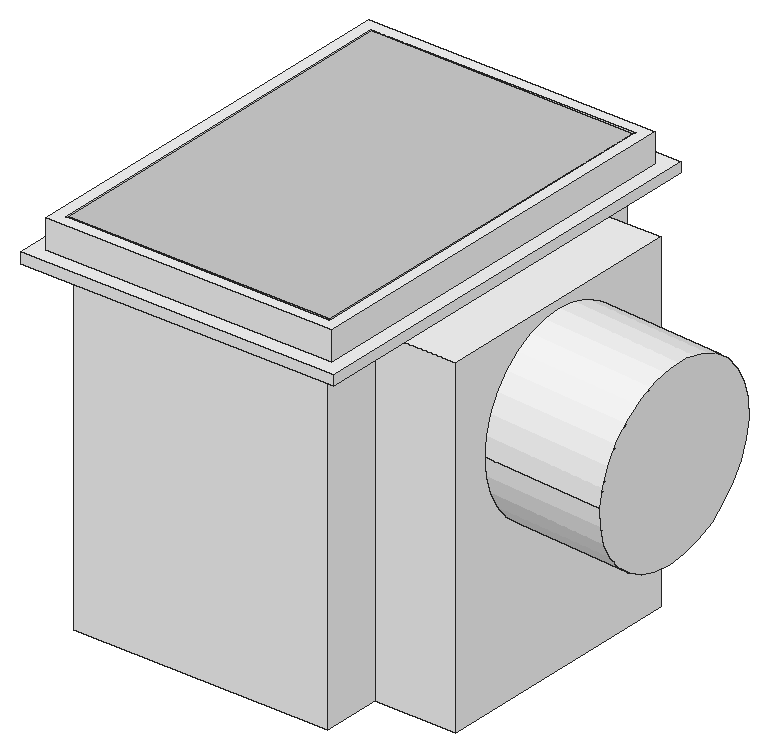
Revit family "HL_RU_Basement drain_HL71-A-171212", category Instalační zařizovací předměty, Revit 2021
Family settings
  Kóta kulaté spojky = Použít průměr
  Typ dílu = Normální
  Číslo OmniClass = 23.70.50.21.24.14
  Nadpis OmniClass = Deck Waste Water Drains
  Založené na pracovní rovině = Ne
  Vždy vertikální = Ano
  Ořezat dutým tvarem při načtení = Ne
  Sdílené = Ano
  Bod výpočtu místnosti = Ano
Parameters (values of type "HL_Трап для подвалов_HL71")
  РЕШЁТКА = "155x225mm/ ABS"
  РАЗМЕР = "DN110"
  ПРОПУСКНАЯ СПОСОБНОСТЬ [instance] = 0.0 L/s
  ПРОИЗВОДИТЕЛЬНОСТЬ = "2,3 l/s"
  ПРАВОВАЯ ИНФОРМАЦИЯ = "\"Авторские права(©), права на дизайн или какие либо другие права интелектуальной собственности являются исключительной собственностью компании HL Hutterer & Lechner. Изменению не подлежит. Файл семейства с данными о прозводителе изделия защищен паролем с водяным знаком.\""
  ПАДЕНИЕ ДАВЛЕНИЯ [instance] = 0.0 Pa
  НОМИНАЛЬНЫЙ ДИАМЕТР = 110 mm
  НАСАДКА = "170x240 mm"
  МАТЕРИАЛ = "ABS"
  МАКСИМАЛЬНАЯ НАГРУЗКА КЛАССА = "K3 - 300 kg"
  ВЫСОТА МОНТАЖА = "220 mm"
  ВЕС = "1,4 kg"
  Výchozí výška = 0 mm
  Přípoj ventilace = no
  Výrobce = "HL Hutterer & Lechner GmbH"
  URL = "http://www.hutterer-lechner.com/ru/products/catalog/roof-drains/HL71.aspx"
  Přípoj odpadních dílů = yes
  Přípoj HW = no
  Popis = "Трап для подвалов"
  Model = "HL71"
  Komentáře k typům = "Трап для подвалов DN110 горизонтальный 170х240мм/155х225мм синтетический материал"
  Keynote = "HL71"
  Высота монтажа [instance] = 0 mm
  Přípoj CW = no
  EAN = "9003076700714"
  D1 [instance] = 192.4 mm
  D [instance] = Высота монтажа + 56.6 mm  # 56.6 mm
  C [instance] = Высота монтажа + 56.6 mm  # 56.6 mm
  B [instance] = Высота монтажа + 86 mm  # 86 mm
  A [instance] = if(B - 100 mm > 15 mm, B - 100 mm, 15 mm)  # 15 mm
Types (2, lengths in mm): name | URL | Popis | Komentáře k typům
  (no name) | "http://www.hutterer-lechner.com/en/products/catalog/roof-drains/HL71.aspx" | "Anti flood valves" | "basement drain DN110 horizontal 170x240mm/155x225mm plastic"
  HL_Трап для подвалов_HL71 | "http://www.hutterer-lechner.com/ru/products/catalog/roof-drains/HL71.aspx" | "Трап для подвалов" | "Трап для подвалов DN110 горизонтальный 170х240мм/155х225мм синтетический материал"
Values of the unnamed type that differ from the named types
  ПРАВОВАЯ ИНФОРМАЦИЯ = "\"Copyright (©), design rights or any other intellectual property rights, shall be the exclusive property of HL Hutterer & Lechner GmbH. Modification is not allowed. Family has been watermarked.\""
  Model = "HL_Basement drain_HL71"
  Keynote = "HL_Basement drain_HL71"
Reference planes
  plane 1 "Center (Front/Back)": y = 0
  plane 2: z = 0
  plane 3 "Center (Left/Right)": x = 0
  plane 4 "Ball Joint Vertical": x = 25.45
  plane 5: z = 0
  plane 6: z = -86
Lines and regions (mm)
  model lines, style "InvisibleLines"
    curve 1: line (0, 0, 0) -> (0, 0, 560)
  reference lines
    curve 2: line (162.4, 0, -86) -> (192.4, 0, -86)
  model lines, detail levels coarse+medium
    curve 3: line (0, 0, -86) -> (0, 0, -71)
    curve 4: line (0, 0, -71) -> (71, 0, 0)
    curve 5: line (0, 0, -71) -> (-71, 0, 0)
    curve 6: line (0, 0, -86) -> (192.4, 0, -86)
  symbolic lines, style "PlumbingFixtures", detail levels coarse+medium
    curve 7: line (-75, 75, 0) -> (75, 75, 0)
    curve 8: line (-75, -75, 0) -> (-75, 75, 0)
    curve 9: line (75, -75, 0) -> (-75, -75, 0)
    curve 10: line (75, 75, 0) -> (75, -75, 0)
    curve 11: line (-75, 75, 0) -> (-145.711, 145.711, 0)
    curve 12: line (75, 75, 0) -> (145.711, 145.711, 0)
    curve 13: line (-75, -75, 0) -> (-145.711, -145.711, 0)
    curve 14: line (75, -75, 0) -> (145.711, -145.711, 0)
  symbolic lines, style "PlumbingFixtures", not visible, detail levels coarse+medium
    curve 15: line (-75, 75, 0) -> (75, 75, 0)
    curve 16: line (-75, -75, 0) -> (-75, 75, 0)
    curve 17: line (75, -75, 0) -> (-75, -75, 0)
    curve 18: line (75, 75, 0) -> (75, -75, 0)
    curve 19: line (-75, 75, 0) -> (-145.711, 145.711, 0)
    curve 20: line (75, 75, 0) -> (145.711, 145.711, 0)
    curve 21: line (-75, -75, 0) -> (-145.711, -145.711, 0)
    curve 22: line (75, -75, 0) -> (145.711, -145.711, 0)
Text (mm)
  text "FLOOR" at (-198.233, 0, -26.556), in view "вид строительства"
Dimensions and locks
  locked: plane 4 "Ball Joint Vertical" to plane 3 "Center (Left/Right)" at 25.45
  "Высота монтажа": plane 2 to plane 5
  "A": curve 5 to plane 6
  "B": curve 5 to plane 6
  "B": curve 4 to plane 6
  "B": plane 2 to plane 6
  "B": plane 2 to curve 6
  "D1": curve 2 to plane 3 "Center (Left/Right)"
  "D1": curve 6 to plane 3 "Center (Left/Right)"
  locked: curve 4 to plane 3 "Center (Left/Right)" (angle 45.00°)
  locked: plane 3 "Center (Left/Right)" to curve 5 (angle 45.00°)
  aligned and locked: level to plane 2
  aligned and locked: plane 2 to curve 1
  aligned and locked: plane 3 "Center (Left/Right)" to curve 1
  aligned and locked: plane 3 "Center (Left/Right)" to curve 5
  aligned and locked: curve 2 to plane 6
  aligned and locked: plane 5 to nested 1
  aligned and locked: plane 3 "Center (Left/Right)" to nested 1
  aligned and locked: plane 3 "Center (Left/Right)" to nested 2
  aligned and locked: plane 2 to nested 2
Automatic sketch dimensions
  level to curve 1 = 560 mm
  curve 2 to curve 2 = 30 mm
Nested families
  nested 1: "HL-Трап для подвалов-HL71" at (0, 0, 0), type "HL-Трап для подвалов-HL71"
  nested 2: "HL-Решетка для сливного отверстия из пластмассы-HL071.1E" at (0, 0, 0), type "HL-Решетка для сливного отверстия из пластмассы-HL071.1E"
Connectors
  piping at (192.4, 0, -86), diameter 110, driven by "НОМИНАЛЬНЫЙ ДИАМЕТР", driven by "ПРОПУСКНАЯ СПОСОБНОСТЬ"
    settings: on curve 2, index 1, connector inside diameter 609.6 mm, connector length 0 mm, flow factor 0, pipe flow 0.0 L/s, pressure drop 0.0 Pa, fitting loss kfactor 0, connector angle 0.00°, fixture units 0, engagement length 0 mm, angle of deflection 0.00°, flow configuration 1, flow direction 2, fitting loss method 0, system type 16, joint type 0, gender type 0, connector reference index -1, connector utility 0, adjustable connector yes, is connector primary yes, connector description ""
Definition of nested family "HL-Трап для подвалов-HL71"
  Parameters (values of type "HL-Трап для подвалов-HL71")
    Manufacturer = ""
    Default Elevation = 0 mm
    URL = ""
    Description = ""
    Model = ""
    Type Comments = ""
    Cost = 0
  Reference planes
    plane 1 "Střed (vpředu/vzadu)": y = 0
    plane 2: z = 0
    plane 3 "Střed (vlevo/vpravo)": x = 0
  Forms (mm)
    Extrusion 1, solid, detail levels fine
      sketch origin (0, 0, 0) x (1, 0, 0) y (0, 1, 0)
        loop
          line (78.5, -113.5) -> (78.5, 113.5) -> (-78.5, 113.5) -> (-78.5, -113.5) -> (78.5, -113.5)
        loop
          line (-85, 120) -> (-85, -120) -> (85, -120) -> (85, 120) -> (-85, 120)
      from 0 to -17
    Extrusion 2, solid, detail levels fine
      sketch origin (0, 0, -17) x (0, 1, 0) y (1, 0, 0)
        loop
          line (-129, 93) -> (-129, -93) -> (129, -93) -> (129, 93) -> (-129, 93)
      from 0 to 6
    Extrusion 3, solid, detail levels fine
      sketch origin (0, 0, -23) x (-1, 0, 0) y (0, 1, 0)
        loop
          line (-123.5, -76) -> (-75.5, -76) -> (-75.5, -111) -> (75.5, -111) -> (75.5, 111) -> (-75.5, 111) -> (-75.5, 76) -> (-123.5, 76) -> (-123.5, -76)
      from 0 to 197
    Sweep 4, solid, detail levels fine
      path origin (0.267, 0, 3.057) x (1, 0, 0) y (0, 0, 1)
        loop
          line (195, -34.165) -> (118.152, -30.138)
      profile origin (156.843, 0, -29.094) x (-0.052336, 0, -0.99863) y (0, -1, 0)
        loop
          circle (55, 0) r 55
  Dimensions and locks
    aligned and locked: level to plane 2
Definition of nested family "HL-Решетка для сливного отверстия из пластмассы-HL071.1E"
  Parameters
    РАЗМЕР = "155x225mm"
    ПРАВОВАЯ ИНФОРМАЦИЯ = "\"Copyright (©), design rights or any other intellectual property rights, shall be the exclusive property of HL Hutterer & Lechner GmbH. Modification is not allowed. Family has been watermarked.\""
    МАТЕРИАЛ = "ABS"
    МАКСИМАЛЬНАЯ НАГРУЗКА КЛАССА = "K3 - 300kg"
    ВЕС = "0,28 kg"
    Manufacturer = "HL Hutterer & Lechner GmbH"
    Default Elevation = 0 mm
    URL = "http://www.hutterer-lechner.com/en/products/catalog/roof-drains/HL071.1E.aspx"
    Description = "Attachments"
    Model = "HL071.1E"
    Type Comments = "plastic grate 155x225mm"
    Keynote = "HL071.1E"
    EAN = "9003076007110"
    Cost = 0
  Types (2, lengths in mm): name | ПРАВОВАЯ ИНФОРМАЦИЯ | URL | Description | Type Comments
    (no name) | "\"Copyright (©), design rights or any other intellectual property rights, shall be the exclusive property of HL Hutterer & Lechner GmbH. Modification is not allowed. Family has been watermarked.\"" | "http://www.hutterer-lechner.com/en/products/catalog/roof-drains/HL071.1E.aspx" | "Attachments" | "plastic grate 155x225mm"
    HL-Решетка для сливного отверстия из пластмассы-HL071.1E | "\"Авторские права(©), права на дизайн или какие либо другие права интелектуальной собственности являются исключительной собственностью компании HL Hutterer & Lechner. Изменению не подлежит. Файл семейства с данными о прозводителе изделия защищен паролем с водяным знаком.\"" | "http://www.hutterer-lechner.com/ru/products/catalog/roof-drains/HL071.1E.aspx" | "Вспомогательные материалы" | "Решетка для сливного отверстия из пластмассы 155х225м"
  Reference planes
    plane 1 "Střed (vpředu/vzadu)": y = 0
    plane 2: z = 0
    plane 3 "Střed (vlevo/vpravo)": x = 0
  Forms (mm)
    Extrusion 1, solid, detail levels fine
      sketch origin (0, 0, 0) x (1, 0, 0) y (0, 1, 0)
        loop
          line (77.5, -112.5) -> (77.5, 112.5) -> (-77.5, 112.5) -> (-77.5, -112.5) -> (77.5, -112.5)
      from 0 to -20
  Lines and regions (mm)
    model lines, detail levels fine
      curve 1: line (59, -95, 0) -> (51, -95, 0)
      curve 2: line (59, -45, 0) -> (59, -95, 0)
      curve 3: line (51, -45, 0) -> (59, -45, 0)
      curve 4: line (51, -95, 0) -> (51, -45, 0)
      curve 5: line (37, -95, 0) -> (29, -95, 0)
      curve 6: line (37, -7, 0) -> (37, -95, 0)
      curve 7: line (29, -7, 0) -> (37, -7, 0)
      curve 8: line (29, -95, 0) -> (29, -7, 0)
      curve 9: line (15, -95, 0) -> (7, -95, 0)
      curve 10: line (15, -7, 0) -> (15, -95, 0)
      curve 11: line (7, -7, 0) -> (15, -7, 0)
      curve 12: line (7, -95, 0) -> (7, -7, 0)
      curve 13: line (59, -35, 0) -> (51, -35, 0)
      curve 14: line (59, 35, 0) -> (59, -35, 0)
      curve 15: line (51, 35, 0) -> (59, 35, 0)
      curve 16: line (51, -35, 0) -> (51, 35, 0)
      curve 17: line (59, 45, 0) -> (51, 45, 0)
      curve 18: line (59, 95, 0) -> (59, 45, 0)
      curve 19: line (51, 95, 0) -> (59, 95, 0)
      curve 20: line (51, 45, 0) -> (51, 95, 0)
      curve 21: line (37, 7, 0) -> (29, 7, 0)
      curve 22: line (37, 95, 0) -> (37, 7, 0)
      curve 23: line (29, 95, 0) -> (37, 95, 0)
      curve 24: line (29, 7, 0) -> (29, 95, 0)
      curve 25: line (15, 7, 0) -> (7, 7, 0)
      curve 26: line (15, 95, 0) -> (15, 7, 0)
      curve 27: line (7, 95, 0) -> (15, 95, 0)
      curve 28: line (7, 7, 0) -> (7, 95, 0)
      curve 29: line (-59, -95, 0) -> (-51, -95, 0)
      curve 30: line (-59, -45, 0) -> (-59, -95, 0)
      curve 31: line (-51, -45, 0) -> (-59, -45, 0)
      curve 32: line (-51, -95, 0) -> (-51, -45, 0)
      curve 33: line (-37, -95, 0) -> (-29, -95, 0)
      curve 34: line (-37, -7, 0) -> (-37, -95, 0)
      curve 35: line (-29, -7, 0) -> (-37, -7, 0)
      curve 36: line (-29, -95, 0) -> (-29, -7, 0)
      curve 37: line (-15, -95, 0) -> (-7, -95, 0)
      curve 38: line (-15, -7, 0) -> (-15, -95, 0)
      curve 39: line (-7, -7, 0) -> (-15, -7, 0)
      curve 40: line (-7, -95, 0) -> (-7, -7, 0)
      curve 41: line (-59, -35, 0) -> (-51, -35, 0)
      curve 42: line (-59, 35, 0) -> (-59, -35, 0)
      curve 43: line (-51, 35, 0) -> (-59, 35, 0)
      curve 44: line (-51, -35, 0) -> (-51, 35, 0)
      curve 45: line (-59, 45, 0) -> (-51, 45, 0)
      curve 46: line (-59, 95, 0) -> (-59, 45, 0)
      curve 47: line (-51, 95, 0) -> (-59, 95, 0)
      curve 48: line (-51, 45, 0) -> (-51, 95, 0)
      curve 49: line (-37, 7, 0) -> (-29, 7, 0)
      curve 50: line (-37, 95, 0) -> (-37, 7, 0)
      curve 51: line (-29, 95, 0) -> (-37, 95, 0)
      curve 52: line (-29, 7, 0) -> (-29, 95, 0)
      curve 53: line (-15, 7, 0) -> (-7, 7, 0)
      curve 54: line (-15, 95, 0) -> (-15, 7, 0)
      curve 55: line (-7, 95, 0) -> (-15, 95, 0)
      curve 56: line (-7, 7, 0) -> (-7, 95, 0)
  Dimensions and locks
    aligned and locked: level to plane 2
